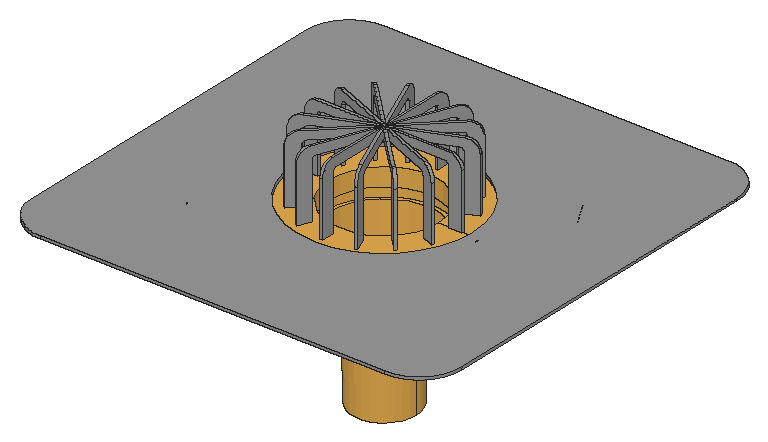
Revit family "TOPWET_Střešní vpust TW(E) 75 S", category Instalační zařizovací předměty, Revit 2016 (continued)
Definition of nested family "Šachta pro zelené střechy"
  Definition of nested family "Lamela 380x380"
    Automatic sketch dimensions
      plane 1 "Střed (vpředu/vzadu)" to Extrusion 3 sketch curve = 15 mm
      Extrusion 3 sketch curve to plane 1 "Střed (vpředu/vzadu)" = 21 mm
      Extrusion 3 sketch curve to Extrusion 3 sketch curve = 50 mm  (x3)
      Extrusion 3 sketch curve to Extrusion 3 sketch curve = 115 mm
      Extrusion 3 sketch curve to Extrusion 3 sketch curve = 46 mm
      Extrusion 3 sketch curve to Extrusion 3 sketch curve = 4 mm
      Extrusion 3 sketch curve to level = 100 mm
      Extrusion 3 sketch curve to Extrusion 3 sketch curve = 0 mm  (x4)
      Extrusion 3 sketch curve to level = 49.314 mm
      Extrusion 3 sketch curve to Extrusion 3 sketch curve = 11.314 mm  (x2)
      Extrusion 3 sketch curve to level = 38 mm
      Extrusion 3 sketch curve to Extrusion 3 sketch curve = 19 mm
      Extrusion 3 sketch curve to Extrusion 3 sketch curve = 62 mm
      Extrusion 2 sketch curve to plane 3 "Střed (vlevo/vpravo)" = 151 mm
      Extrusion 2 sketch curve to Extrusion 2 sketch curve = 17 mm  (x7)
      Extrusion 2 sketch curve to level = 38 mm  (x6)
      Extrusion 2 sketch curve to Extrusion 2 sketch curve = 19 mm  (x2)
      Extrusion 2 sketch curve to Extrusion 2 sketch curve = 28 mm  (x2)
      plane 3 "Střed (vlevo/vpravo)" to Extrusion 2 sketch curve = 4 mm
      Extrusion 2 sketch curve to plane 3 "Střed (vlevo/vpravo)" = 15 mm
      plane 3 "Střed (vlevo/vpravo)" to Extrusion 2 sketch curve = 21 mm
      Extrusion 2 sketch curve to Extrusion 2 sketch curve = 50 mm  (x3)
      Extrusion 2 sketch curve to Extrusion 2 sketch curve = 46 mm  (x2)
      Extrusion 2 sketch curve to level = 49.314 mm
      Extrusion 2 sketch curve to Extrusion 2 sketch curve = 4 mm
      Extrusion 2 sketch curve to Extrusion 2 sketch curve = 0 mm
      Extrusion 2 sketch curve to Extrusion 2 sketch curve = 33.686 mm
      Extrusion 2 sketch curve to Extrusion 2 sketch curve = 62 mm
      Extrusion 5 sketch curve to plane 3 "Střed (vlevo/vpravo)" = 185 mm
      Extrusion 5 sketch curve to Extrusion 5 sketch curve = 4 mm
      Extrusion 5 sketch curve to Extrusion 5 sketch curve = 46 mm
      Extrusion 5 sketch curve to plane 3 "Střed (vlevo/vpravo)" = 181 mm
      Extrusion 5 sketch curve to Extrusion 5 sketch curve = 50 mm  (x2)
      Extrusion 5 sketch curve to plane 3 "Střed (vlevo/vpravo)" = 66 mm
      Extrusion 5 sketch curve to Extrusion 5 sketch curve = 17 mm  (x7)
      plane 3 "Střed (vlevo/vpravo)" to Extrusion 5 sketch curve = 15 mm
      Extrusion 5 sketch curve to plane 3 "Střed (vlevo/vpravo)" = 21 mm
      Extrusion 5 sketch curve to plane 3 "Střed (vlevo/vpravo)" = 4 mm
      plane 3 "Střed (vlevo/vpravo)" to Extrusion 5 sketch curve = 34 mm
      Extrusion 5 sketch curve to Extrusion 5 sketch curve = 28 mm
      Extrusion 5 sketch curve to Extrusion 5 sketch curve = 38 mm
      Extrusion 5 sketch curve to level = 100 mm
      Extrusion 5 sketch curve to Extrusion 5 sketch curve = 0 mm  (x4)
      Extrusion 5 sketch curve to level = 49.314 mm
      Extrusion 5 sketch curve to Extrusion 5 sketch curve = 11.314 mm  (x2)
      Extrusion 5 sketch curve to level = 38 mm
      Extrusion 5 sketch curve to Extrusion 5 sketch curve = 19 mm
      Extrusion 5 sketch curve to Extrusion 5 sketch curve = 62 mm
      Extrusion 6 sketch curve to plane 1 "Střed (vpředu/vzadu)" = 190 mm
      plane 1 "Střed (vpředu/vzadu)" to Extrusion 6 sketch curve = 190 mm
      Extrusion 6 sketch curve to plane 3 "Střed (vlevo/vpravo)" = 190 mm
      plane 3 "Střed (vlevo/vpravo)" to Extrusion 6 sketch curve = 190 mm
      radius of Extrusion 4 sketch curve = 12 mm  (x5)
      radius of Extrusion 3 sketch curve = 12 mm  (x5)
      radius of Extrusion 2 sketch curve = 12 mm  (x5)
      radius of Extrusion 5 sketch curve = 12 mm  (x5)
Definition of nested family "Mechanická zápachová klapka"
  Parameters (values of type "Mechanická zápachová klapka")
    Manufacturer = "TOPWET"  # constant formula
    URL = "http://www.topwet.cz/produkty/265-mechanicka-zapachova-klapka"
    Type Image = element 926192
    Description = "Příslušenství vpusti"
    OBJEDNACÍ KÓD [instance] = "TWZU KL"
    Model = "viz OBJEDNACÍ KÓD"
    Type Comments = "Mechanická zápachová klapka TOPWET se zvýšenou odtokovou kapacitou a samočisticí schopností. Určena pro střešní vpusti, terasové vpusti a nástavce TOPWET. Klapku není vhodné umisťovat do prostředí bez volné cirkulace vzduchu."
    Keynote = ""
    Cost = 0
    COPYRIGHT = "©TOPWET"  # constant formula
  Reference planes
    plane 1 "Střed (vpředu/vzadu)": y = 0
    plane 2: z = 0
    plane 3 "Střed (vlevo/vpravo)": x = 0
  Forms (mm)
    Revolve 1, solid, detail levels medium+fine
      sketch origin (0, 0, 0) x (1, 0, 0) y (0, 0, 1)
        loop
          line (0, 0) -> (0, -61.3) -> (10, -61.3)
          arc (10, -61.3) -> (40.406, -48.706) -> (53, -18.3) r 43
          line (53, -18.3) -> (53, -9.3) -> (57, -9.3) -> (57, 0) -> (0, 0)
        axis (0, -61.3) -> (0, 0)
      angle from 0 to 360
    Extrusion 2, void
      sketch origin (0, 0, 0) x (1, 0, 0) y (0, 0, 1)
        loop
          line (-57, -9.3) -> (-57, -66.596) -> (-10.061, -66.596) -> (4.954, -10.558)
          arc (4.954, -10.558) -> (6.719, -9.768) -> (7.852, -11.335) r 1.532
          line (7.852, -11.335) -> (5.852, -18.8) -> (10.5, -18.8) -> (10.5, -9.3) -> (-57, -9.3)
      from -80 to 80
    Extrusion 3, void
      sketch origin (0, 0, 0) x (0, 1, 0) y (0, 0, 1)
        loop
          line (-42, -9.3) -> (-56, -9.3) -> (-56, -51.3) -> (-42, -51.3) -> (-42, -9.3)
        loop
          line (42, -9.3) -> (42, -51.3) -> (56, -51.3) -> (56, -9.3) -> (42, -9.3)
      from -19.66 to 60.954
    Revolve 4, void
      sketch origin (0, 0, 0) x (1, 0, 0) y (0, 0, 1)
        loop
          line (0, -5.448) -> (50.5, 0) -> (0, 0) -> (0, -5.448)
        axis (0, -5.448) -> (0, 0)
      angle from 0 to 360
    Extrusion 5, solid, detail levels medium+fine
      sketch origin (0, 0, 0) x (1, 0, 0) y (0, 1, 0)
        loop
          line (-43, -26.482) -> (-43, 26.482)
          arc (-43, 26.482) -> (-50.5, 0) -> (-43, -26.482) r 50.5
      from -9.3 to 0
    Extrusion 6, void
      sketch origin (0, 0, 0) x (0, 1, 0) y (0, 0, 1)
        loop
          line (37, -18.8) -> (42, -18.8) -> (42, -9.3) -> (37, -9.3) -> (37, -18.8)
        loop
          line (-37, -18.8) -> (-37, -9.3) -> (-42, -9.3) -> (-42, -18.8) -> (-37, -18.8)
      from 0 to 10.5
  Cuts and joins
    Extrusion 2, Extrusion 3, Revolve 4, Extrusion 6 cuts Revolve 1
    Extrusion 6 cuts Extrusion 5
    joined: Revolve 1, Extrusion 5
  Lines and regions (mm)
    model lines, detail levels fine
      curve 1: line (5.852, 41.938, 0) -> (28.134, 41.938, 0)
      curve 2: spline (5.852, 41.938, 0) -> (2.904, 40.509, 0) -> (0.158, 36.319, 0) -> (-2.201, 29.654, 0) -> (-4.01, 20.969, 0) -> (-5.148, 10.854, 0) -> (-5.536, 0, 0) -> (-5.148, -10.854, 0) -> (-4.01, -20.969, 0) -> (-2.201, -29.654, 0) -> (0.158, -36.319, 0) -> (2.904, -40.509, 0) -> (5.852, -41.938, 0)
      curve 3: line (5.852, -41.938, 0) -> (28.134, -41.938, 0)
      curve 4: line (30.907, -39.938, 0) -> (9, -39.938, 0)
      curve 5: line (9, -39.938, 0) -> (9, -1, 0)
      curve 6: line (9, -1, 0) -> (9, 39.938, 0)
      curve 7: line (13, -39.938, 0) -> (13, 39.938, 0)
      curve 8: line (5.852, 41.938, 0) -> (28.134, 41.938, 0)
      curve 9: line (9, 39.938, 0) -> (30.907, 39.938, 0)
      curve 10: line (-1.25, -1, 0) -> (13, -1, 0)
      curve 11: line (-1.25, 1, 0) -> (-1.25, -1, 0)
      curve 12: line (13, 1, 0) -> (-1.25, 1, 0)
      curve 13: line (13, -1, 0) -> (13, 1, 0)
  Dimensions and locks
    aligned and locked: level to plane 2
Definition of nested family "Vodní zápachová uzávěra"
  Parameters (values of type "Vodní zápachová uzávěra")
    Manufacturer = "TOPWET"  # constant formula
    URL = "http://www.topwet.cz/produkty/266-vodni-zapachova-uzavera"
    Type Image = element 925471
    Description = "Příslušenství vpusti"
    OBJEDNACÍ KÓD [instance] = "TWZU"
    Model = "viz OBJEDNACÍ KÓD"
    Type Comments = "Vodní zápachová uzávěra TOPWET nové generace se zvýšenou odtokovou kapacitou. Určena pro střešní vpusti, terasové vpusti a nástavce TOPWET. Výška vodní hladiny 50 mm. Klapka je určena do prostředí bez volné cirkulace vzduchu a do míst, kde je eliminována možnost zamrznutí."
    Keynote = ""
    Cost = 0
    COPYRIGHT = "©TOPWET"  # constant formula
  Reference planes
    plane 1 "Střed (vpředu/vzadu)": y = 0
    plane 2: z = 0
    plane 3 "Střed (vlevo/vpravo)": x = 0
  Forms (mm)
    Revolve 1, solid, detail levels medium+fine
      sketch origin (0, 0, 5.7) x (1, 0, 0) y (0, 0, 1)
        loop
          line (0, 0) -> (0, -2.2) -> (31.791, -2.2)
          arc (31.791, -2.2) -> (35.815, -3.823) -> (37.587, -7.783) r 5.8
          line (37.587, -7.783) -> (39.201, -54) -> (41.402, -54) -> (39.785, -7.704)
          arc (39.785, -7.704) -> (37.342, -2.239) -> (31.791, 0) r 8
          line (31.791, 0) -> (0, 0)
        loop
          line (25.5, -13) -> (25.5, -57)
          arc (25.5, -57) -> (27.843, -62.657) -> (33.5, -65) r 8
          line (33.5, -65) -> (44.75, -65)
          arc (44.75, -65) -> (50.407, -62.657) -> (52.75, -57) r 8
          line (52.75, -57) -> (52.75, -19.574) -> (55, -13.392) -> (55, -5.7) -> (50.55, -5.7) -> (50.55, -57)
          arc (50.55, -57) -> (48.851, -61.101) -> (44.75, -62.8) r 5.8
          line (44.75, -62.8) -> (33.5, -62.8)
          arc (33.5, -62.8) -> (29.399, -61.101) -> (27.7, -57) r 5.8
          line (27.7, -57) -> (27.7, -13) -> (25.5, -13)
        axis (0, -65) -> (0, 0)
      angle from 0 to 360
  Dimensions and locks
    aligned and locked: level to plane 2
Definition of nested family "Odvodňovací kroužek pro ochranný koš TW ODK"
  Parameters (values of type "Odvodňovací kroužek pro ochranný koš TW ODK")
    Manufacturer = "TOPWET"  # constant formula
    URL = "http://www.topwet.cz/produkty/269-odvodnovaci-krouzek"
    Type Image = element 924484
    Seříznutí [instance] = 0 mm
    Description = "Příslušenství vpusti"
    OBJEDNACÍ KÓD [instance] = "TW ODK"
    Model = "viz OBJEDNACÍ KÓD"
    Type Comments = "TW ODK, Odvodňovací kroužek"
    Keynote = "TW ODK"
    Cost = 0
    COPYRIGHT = "©TOPWET"  # constant formula
  Reference planes
    plane 1 "Střed (vpředu/vzadu)": y = 0
    plane 2: z = 0
    plane 3 "Střed (vlevo/vpravo)": x = 0
    plane 4: z = -33
    plane 5: z = -33
    plane 6: z = -33
  Forms (mm)
    Extrusion 1, solid, detail levels medium+fine
      sketch origin (0, 0, 0) x (1, 0, 0) y (0, 1, 0)
        loop
          circle (0, 0) r 64.5
        loop
          circle (0, 0) r 67.5
      from 15 to -18
    Sweep 2, void
      path origin (0, 0, 0) x (0.987688, 0.156434, 0) y (-0.156434, 0.987688, 0)
        loop
          line (0, -72.5) -> (0, 72.5)
      profile origin (0, 0, 0) x (-0.987688, -0.156434, 0) y (0, 0, 1)
        loop
          line (7.4, -18) -> (7.4, -4.2)
          arc (7.4, -4.2) -> (6.521, -2.079) -> (4.4, -1.2) r 3
          line (4.4, -1.2) -> (-4.4, -1.2)
          arc (-4.4, -1.2) -> (-6.521, -2.079) -> (-7.4, -4.2) r 3
          line (-7.4, -4.2) -> (-7.4, -18) -> (7.4, -18)
    Sweep 3, void
      path origin (0, 0, 0) x (0.891007, 0.45399, 0) y (-0.45399, 0.891007, 0)
        loop
          line (0, -72.5) -> (0, 72.5)
      profile origin (0, 0, 0) x (-0.891007, -0.45399, 0) y (0, 0, 1)
        loop
          line (7.4, -18) -> (7.4, -4.2)
          arc (7.4, -4.2) -> (6.521, -2.079) -> (4.4, -1.2) r 3
          line (4.4, -1.2) -> (-4.4, -1.2)
          arc (-4.4, -1.2) -> (-6.521, -2.079) -> (-7.4, -4.2) r 3
          line (-7.4, -4.2) -> (-7.4, -18) -> (7.4, -18)
    Sweep 4, void
      path origin (0, 0, 0) x (0.707107, 0.707107, 0) y (-0.707107, 0.707107, 0)
        loop
          line (0, -72.5) -> (0, 72.5)
      profile origin (0, 0, 0) x (-0.707107, -0.707107, 0) y (0, 0, 1)
        loop
          line (7.4, -18) -> (7.4, -4.2)
          arc (7.4, -4.2) -> (6.521, -2.079) -> (4.4, -1.2) r 3
          line (4.4, -1.2) -> (-4.4, -1.2)
          arc (-4.4, -1.2) -> (-6.521, -2.079) -> (-7.4, -4.2) r 3
          line (-7.4, -4.2) -> (-7.4, -18) -> (7.4, -18)
    Sweep 5, void
      path origin (0, 0, 0) x (0.45399, 0.891007, 0) y (-0.891007, 0.45399, 0)
        loop
          line (0, -72.5) -> (0, 72.5)
      profile origin (0, 0, 0) x (-0.45399, -0.891007, 0) y (0, 0, 1)
        loop
          line (7.4, -18) -> (7.4, -4.2)
          arc (7.4, -4.2) -> (6.521, -2.079) -> (4.4, -1.2) r 3
          line (4.4, -1.2) -> (-4.4, -1.2)
          arc (-4.4, -1.2) -> (-6.521, -2.079) -> (-7.4, -4.2) r 3
          line (-7.4, -4.2) -> (-7.4, -18) -> (7.4, -18)
    Sweep 6, void
      path origin (0, 0, 0) x (0.156434, 0.987688, 0) y (-0.987688, 0.156434, 0)
        loop
          line (0, -72.5) -> (0, 72.5)
      profile origin (0, 0, 0) x (-0.156434, -0.987688, 0) y (0, 0, 1)
        loop
          line (7.4, -18) -> (7.4, -4.2)
          arc (7.4, -4.2) -> (6.521, -2.079) -> (4.4, -1.2) r 3
          line (4.4, -1.2) -> (-4.4, -1.2)
          arc (-4.4, -1.2) -> (-6.521, -2.079) -> (-7.4, -4.2) r 3
          line (-7.4, -4.2) -> (-7.4, -18) -> (7.4, -18)
    Sweep 7, void
      path origin (0, 0, 0) x (-0.987688, 0.156434, 0) y (0.156434, 0.987688, 0)
        loop
          line (0, -72.5) -> (0, 72.5)
      profile origin (0, 0, 0) x (-0.987688, 0.156434, 0) y (0, 0, 1)
        loop
          line (-7.4, -18) -> (7.4, -18) -> (7.4, -4.2)
          arc (7.4, -4.2) -> (6.521, -2.079) -> (4.4, -1.2) r 3
          line (4.4, -1.2) -> (-4.4, -1.2)
          arc (-4.4, -1.2) -> (-6.521, -2.079) -> (-7.4, -4.2) r 3
          line (-7.4, -4.2) -> (-7.4, -18)
    Sweep 8, void
      path origin (0, 0, 0) x (-0.891007, 0.45399, 0) y (0.45399, 0.891007, 0)
        loop
          line (0, -72.5) -> (0, 72.5)
      profile origin (0, 0, 0) x (-0.891007, 0.45399, 0) y (0, 0, 1)
        loop
          line (-7.4, -18) -> (7.4, -18) -> (7.4, -4.2)
          arc (7.4, -4.2) -> (6.521, -2.079) -> (4.4, -1.2) r 3
          line (4.4, -1.2) -> (-4.4, -1.2)
          arc (-4.4, -1.2) -> (-6.521, -2.079) -> (-7.4, -4.2) r 3
          line (-7.4, -4.2) -> (-7.4, -18)
    Sweep 9, void
      path origin (0, 0, 0) x (-0.707107, 0.707107, 0) y (0.707107, 0.707107, 0)
        loop
          line (0, -72.5) -> (0, 72.5)
      profile origin (0, 0, 0) x (-0.707107, 0.707107, 0) y (0, 0, 1)
        loop
          line (-7.4, -18) -> (7.4, -18) -> (7.4, -4.2)
          arc (7.4, -4.2) -> (6.521, -2.079) -> (4.4, -1.2) r 3
          line (4.4, -1.2) -> (-4.4, -1.2)
          arc (-4.4, -1.2) -> (-6.521, -2.079) -> (-7.4, -4.2) r 3
          line (-7.4, -4.2) -> (-7.4, -18)
    Sweep 10, void
      path origin (0, 0, 0) x (-0.45399, 0.891007, 0) y (0.891007, 0.45399, 0)
        loop
          line (0, -72.5) -> (0, 72.5)
      profile origin (0, 0, 0) x (-0.45399, 0.891007, 0) y (0, 0, 1)
        loop
          line (-7.4, -18) -> (7.4, -18) -> (7.4, -4.2)
          arc (7.4, -4.2) -> (6.521, -2.079) -> (4.4, -1.2) r 3
          line (4.4, -1.2) -> (-4.4, -1.2)
          arc (-4.4, -1.2) -> (-6.521, -2.079) -> (-7.4, -4.2) r 3
          line (-7.4, -4.2) -> (-7.4, -18)
    Sweep 11, void
      path origin (0, 0, 0) x (-0.156434, 0.987688, 0) y (0.987688, 0.156434, 0)
        loop
          line (0, -72.5) -> (0, 72.5)
      profile origin (0, 0, 0) x (-0.156434, 0.987688, 0) y (0, 0, 1)
        loop
          line (-7.4, -18) -> (7.4, -18) -> (7.4, -4.2)
          arc (7.4, -4.2) -> (6.521, -2.079) -> (4.4, -1.2) r 3
          line (4.4, -1.2) -> (-4.4, -1.2)
          arc (-4.4, -1.2) -> (-6.521, -2.079) -> (-7.4, -4.2) r 3
          line (-7.4, -4.2) -> (-7.4, -18)
    Extrusion 12, solid, detail levels medium+fine
      sketch origin (0, 0, 0) x (1, 0, 0) y (0, 1, 0)
        loop
          circle (0, 0) r 60
        loop
          circle (0, 0) r 64.5
      from -18 to -33
    Extrusion 13, void
      sketch origin (0, -60, -33) x (0, 1, 0) y (-1, 0, 0)
        loop
          circle (60, 0) r 70
      from -10 to 0 <- "Seříznutí"
  Cuts and joins
    Sweep 2, Sweep 3, Sweep 4, Sweep 5, Sweep 6, Sweep 7, Sweep 8, Sweep 9, Sweep 10, Sweep 11, Extrusion 13 cuts Extrusion 1
    Extrusion 13 cuts Extrusion 12
  Dimensions and locks
    "Seříznutí": plane 5 to plane 4
    locked: plane 6 to plane 5 at 0
    aligned and locked: level to plane 2
  Automatic sketch dimensions
    Extrusion 1 sketch curve to Extrusion 1 sketch curve = 0 mm  (x2)
    plane 1 "Střed (vpředu/vzadu)" to Extrusion 1 sketch curve = 0 mm
    Extrusion 1 sketch curve to plane 3 "Střed (vlevo/vpravo)" = 0 mm
    Sweep 2 sketch curve to plane 3 "Střed (vlevo/vpravo)" = 11.341 mm
    Sweep 2 sketch curve to plane 1 "Střed (vpředu/vzadu)" = 71.607 mm
    Sweep 2 sketch curve to Sweep 2 sketch curve = 145 mm
    profile plane to Sweep 2 sketch curve = 7.4 mm
    Sweep 2 sketch curve to level = 1.2 mm
    Sweep 2 sketch curve to Sweep 2 sketch curve = 3 mm
    Sweep 2 sketch curve to profile plane = 4.4 mm
    Sweep 2 sketch curve to profile plane = 7.4 mm
    Sweep 2 sketch curve to Sweep 2 sketch curve = 13.8 mm
    Sweep 3 sketch curve to plane 3 "Střed (vlevo/vpravo)" = 32.914 mm
    Sweep 3 sketch curve to plane 1 "Střed (vpředu/vzadu)" = 64.598 mm
    Sweep 3 sketch curve to Sweep 3 sketch curve = 145 mm
    profile plane to Sweep 3 sketch curve = 7.4 mm
    Sweep 3 sketch curve to level = 1.2 mm
    Sweep 3 sketch curve to Sweep 3 sketch curve = 3 mm
    Sweep 3 sketch curve to profile plane = 4.4 mm
    Sweep 3 sketch curve to profile plane = 7.4 mm
    Sweep 3 sketch curve to Sweep 3 sketch curve = 13.8 mm
    Sweep 4 sketch curve to plane 1 "Střed (vpředu/vzadu)" = 51.265 mm
    Sweep 4 sketch curve to plane 3 "Střed (vlevo/vpravo)" = 51.265 mm
    Sweep 4 sketch curve to Sweep 4 sketch curve = 145 mm
    profile plane to Sweep 4 sketch curve = 7.4 mm
    Sweep 4 sketch curve to level = 1.2 mm
    Sweep 4 sketch curve to Sweep 4 sketch curve = 3 mm
    Sweep 4 sketch curve to profile plane = 4.4 mm
    Sweep 4 sketch curve to profile plane = 7.4 mm
    Sweep 4 sketch curve to Sweep 4 sketch curve = 13.8 mm
    Sweep 5 sketch curve to plane 1 "Střed (vpředu/vzadu)" = 32.914 mm
    Sweep 5 sketch curve to plane 3 "Střed (vlevo/vpravo)" = 64.598 mm
    Sweep 5 sketch curve to Sweep 5 sketch curve = 145 mm
    profile plane to Sweep 5 sketch curve = 7.4 mm
    Sweep 5 sketch curve to level = 1.2 mm
    Sweep 5 sketch curve to Sweep 5 sketch curve = 3 mm
    Sweep 5 sketch curve to profile plane = 4.4 mm
    Sweep 5 sketch curve to profile plane = 7.4 mm
    Sweep 5 sketch curve to Sweep 5 sketch curve = 13.8 mm
    Sweep 6 sketch curve to plane 1 "Střed (vpředu/vzadu)" = 11.341 mm
    Sweep 6 sketch curve to plane 3 "Střed (vlevo/vpravo)" = 71.607 mm
    Sweep 6 sketch curve to Sweep 6 sketch curve = 145 mm
    profile plane to Sweep 6 sketch curve = 7.4 mm
    Sweep 6 sketch curve to level = 1.2 mm
    Sweep 6 sketch curve to Sweep 6 sketch curve = 3 mm
    Sweep 6 sketch curve to profile plane = 4.4 mm
    Sweep 6 sketch curve to profile plane = 7.4 mm
    Sweep 6 sketch curve to Sweep 6 sketch curve = 13.8 mm
    Sweep 7 sketch curve to plane 3 "Střed (vlevo/vpravo)" = 11.341 mm
    plane 1 "Střed (vpředu/vzadu)" to Sweep 7 sketch curve = 71.607 mm
    Sweep 7 sketch curve to Sweep 7 sketch curve = 145 mm
    profile plane to Sweep 7 sketch curve = 7.4 mm
    Sweep 7 sketch curve to level = 1.2 mm
    Sweep 7 sketch curve to Sweep 7 sketch curve = 3 mm
    Sweep 7 sketch curve to profile plane = 4.4 mm
    Sweep 7 sketch curve to profile plane = 7.4 mm
    Sweep 7 sketch curve to Sweep 7 sketch curve = 13.8 mm
    Sweep 8 sketch curve to plane 3 "Střed (vlevo/vpravo)" = 32.914 mm
    plane 1 "Střed (vpředu/vzadu)" to Sweep 8 sketch curve = 64.598 mm
    Sweep 8 sketch curve to Sweep 8 sketch curve = 145 mm
    profile plane to Sweep 8 sketch curve = 7.4 mm
    Sweep 8 sketch curve to level = 1.2 mm
    Sweep 8 sketch curve to Sweep 8 sketch curve = 3 mm
    Sweep 8 sketch curve to profile plane = 4.4 mm
    Sweep 8 sketch curve to profile plane = 7.4 mm
    Sweep 8 sketch curve to Sweep 8 sketch curve = 13.8 mm
    plane 1 "Střed (vpředu/vzadu)" to Sweep 9 sketch curve = 51.265 mm
    Sweep 9 sketch curve to plane 3 "Střed (vlevo/vpravo)" = 51.265 mm
    Sweep 9 sketch curve to Sweep 9 sketch curve = 145 mm
    profile plane to Sweep 9 sketch curve = 7.4 mm
    Sweep 9 sketch curve to level = 1.2 mm
    Sweep 9 sketch curve to Sweep 9 sketch curve = 3 mm
    Sweep 9 sketch curve to profile plane = 4.4 mm
    Sweep 9 sketch curve to profile plane = 7.4 mm
    Sweep 9 sketch curve to Sweep 9 sketch curve = 13.8 mm
    plane 1 "Střed (vpředu/vzadu)" to Sweep 10 sketch curve = 32.914 mm
    Sweep 10 sketch curve to plane 3 "Střed (vlevo/vpravo)" = 64.598 mm
    Sweep 10 sketch curve to Sweep 10 sketch curve = 145 mm
    profile plane to Sweep 10 sketch curve = 7.4 mm
    Sweep 10 sketch curve to level = 1.2 mm
    Sweep 10 sketch curve to Sweep 10 sketch curve = 3 mm
    Sweep 10 sketch curve to profile plane = 4.4 mm
    Sweep 10 sketch curve to profile plane = 7.4 mm
    Sweep 10 sketch curve to Sweep 10 sketch curve = 13.8 mm
    plane 1 "Střed (vpředu/vzadu)" to Sweep 11 sketch curve = 11.341 mm
    Sweep 11 sketch curve to plane 3 "Střed (vlevo/vpravo)" = 71.607 mm
    Sweep 11 sketch curve to Sweep 11 sketch curve = 145 mm
    profile plane to Sweep 11 sketch curve = 7.4 mm
    Sweep 11 sketch curve to level = 1.2 mm
    Sweep 11 sketch curve to Sweep 11 sketch curve = 3 mm
    Sweep 11 sketch curve to profile plane = 4.4 mm
    Sweep 11 sketch curve to profile plane = 7.4 mm
    Sweep 11 sketch curve to Sweep 11 sketch curve = 13.8 mm
    Extrusion 12 sketch curve to Extrusion 12 sketch curve = 0 mm  (x2)
    plane 1 "Střed (vpředu/vzadu)" to Extrusion 12 sketch curve = 0 mm
    Extrusion 12 sketch curve to plane 3 "Střed (vlevo/vpravo)" = 0 mm
    plane 1 "Střed (vpředu/vzadu)" to Extrusion 13 sketch curve = 0 mm
    Extrusion 13 sketch curve to plane 3 "Střed (vlevo/vpravo)" = 0 mm
    radius of Extrusion 1 sketch curve = 64.5 mm
    radius of Extrusion 1 sketch curve = 67.5 mm
    radius of Extrusion 12 sketch curve = 60 mm
    radius of Extrusion 12 sketch curve = 64.5 mm
    radius of Extrusion 13 sketch curve = 70 mm
Types (6, lengths in mm): name | Šachta pro zelené střechy_výška | Typ nástavce střešní vpusti TWN | Terasový nástavec TW TER_výška | Perforovaný terasový nástavec TW TER P_výška | Odvodňovací kroužek TW ODK_k nástavci TW TER P | Nástavec střešní vpusti TWN_výška | VN | URL | Typ obrázku | T | OBJEDNACÍ KÓD | Límec_Materiál | Komentáře k typům | Klíčová poznámka | Elektrické vyhřívání_Vpusť
  TW 75 BIT S svislé provedení, manžeta z asfaltového pásu | 500 | Nástavec střešní vpusti TWN : TWN BIT | 150 | 220 | 1 | 300 | 368.7 | "http://www.topwet.cz/produkty/10-svisla-stresni-vpust-s-integrovanou-bitumenovou-manzetou" | TW 75 BIT S.jpg | 1 | "TW 75 BIT S" | Plast - černý | "Střešní vpust TOPWET s integrovanou manžetou z modifikovaného asfaltového pásu, svislé provedení, tepelně izolovaná - dvojstěnná s ochranným košem" | "TW 75 ___ S" | no
  TW 75 PVC S svislé provedení, manžeta z PVC | 336 | Nástavec střešní vpusti TWN : TWN PVC | 161 | 218.7 | 0 | 500 | 568.7 | "http://www.topwet.cz/produkty/26-svisla-stresni-vpust-s-integrovanou-pvc-manzetou" | TW 75 PVC S.jpg | 2 | "TW 75 PVC S" | Plast - hnědý | "Střešní vpust TOPWET s integrovanou manžetou z hydroizolační fólie na bázi PVC, svislé provedení, tepelně izolovaná - dvojstěnná s ochranným košem" | "TW 75 PVC S" | no
  TW 75___S svislé provedení, manžeta na zakázku | 500 | Nástavec střešní vpusti TWN : TWN___ | 150 | 220 | 2 | 250 | 318.7 | "http://www.topwet.cz/produkty/149-svisla-stresni-vpust-s-integrovanou-manzetou-na-zakazku" | TW 75 ___ S.jpg | 3 | "TW 75 ___ S" | Plast - šedý | "Střešní vpust TOPWET s integrovanou manžetou na zakázku (EPDM, TPO, FPO, STE, PE), svislé provedení, tepelně izolovaná - dvojstěnná s ochranným košem" | "TW 75 ___ S" | no
  TWE 75___S svislé provedení, manžeta na zakázku, vyhřívaná | 500 | Nástavec střešní vpusti TWN : TWNE___ vyhřívaný | 150 | 220 | 2 | 250 | 318.7 | "http://www.topwet.cz/produkty/150-svisla-vyhrivana-stresni-vpust-s-integrovanou-manzetou-na-zakazku" | twe-epdm-s.png | 3 | "TWE 75 ___ S" | Plast - šedý | "Vyhřívaná střešní vpust TOPWET s integrovanou manžetou na zakázku (EPDM, TPO, FPO, STE, PE), svislé provedení, tepelně izolovaná - dvojstěnná s ochranným košem, vyhřívaná 230 V s připojovacím kabelem" | "TWE 75 ___ S" | yes
  TWE 75 BIT S svislé provedení, manžeta z asfaltového pásu, vyhřívaná | 500 | Nástavec střešní vpusti TWN : TWNE BIT vyhřívaný | 150 | 220 | 2 | 250 | 318.7 | "http://www.topwet.cz/produkty/20-svisla-vyhrivana-stresni-vpust-s-integrovanou-bitumenovou-manzetou" | twe-bit-s.png | 1 | "TWE 75 BIT S" | Plast - černý | "Vyhřívaná střešní vpust TOPWET s integrovanou manžetou z modifikovaného asfaltového pásu, svislé provedení, tepelně izolovaná - dvojstěnná s ochranným košem, vyhřívaná 230 V s připojovacím kabelem" | "TWE 75 ___ S" | yes
  TWE 75 PVC S svislé provedení, manžeta z PVC, vyhřívaná | 336 | Nástavec střešní vpusti TWN : TWNE PVC vyhřívaný | 161 | 218.7 | 0 | 500 | 568.7 | "http://www.topwet.cz/produkty/30-svisla-vyhrivana-stresni-vpust-s-integrovanou-pvc-manzetou" | twe-pvc-s.png | 2 | "TWE 75 PVC S" | Plast - hnědý | "Vyhřívaná střešní vpust TOPWET s integrovanou manžetou z hydroizolační fólie na bázi PVC, svislé provedení, tepelně izolovaná - dvojstěnná s ochranným košem, vyhřívaná 230 V s připojovacím kabelem" | "TWE 75 PVC S" | yes
